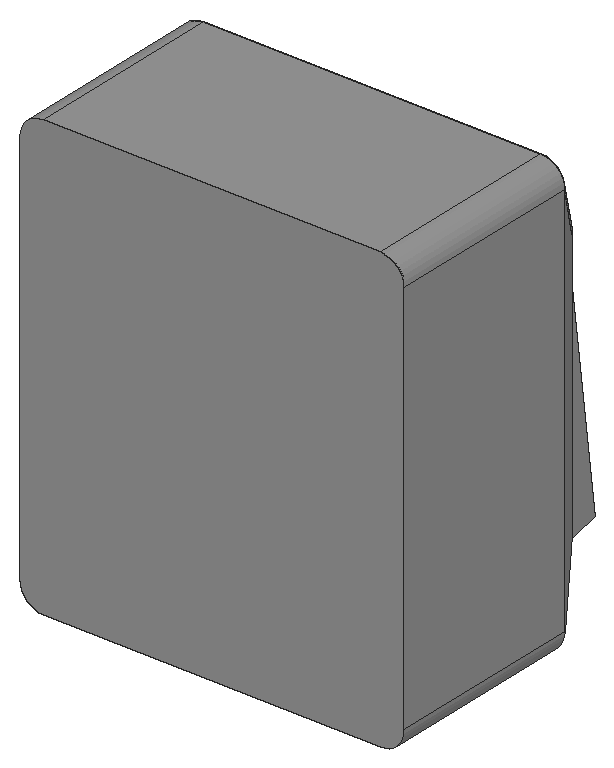
Revit family "IEK_Выключатель_ОткрытойУстановки_С Инд 10А одноклавишный IP54_ГЕРМЕС PLUS", category Выключатели, Revit 2019
Family settings
  Сохранять ориентацию аннотаций = Да
  Размер круглого соединителя = Использовать диаметр
  Тип детали = Переключатель
  На основе рабочей плоскости = Нет
  Всегда вертикально = Да
  При загрузке вырезать с полостями = Нет
  Общий = Нет
  Точка расчета площади = Нет
Parameters (values of type "ВС20-1-1-ГПБ")
  Ширина = 72 mm  # constant formula
  Тип монтажа = "Поверхность монтажа (открытая установка)"  # constant formula
  Степень защиты = "IP54"  # constant formula
  Изготовитель = "IEK"  # constant formula
  Дата изменения = ""
  Глубина = 52 mm  # constant formula
  Высота = 72 mm  # constant formula
  ΔХ [instance] = 2000 mm
  ΔY [instance] = 2000 mm
  KSI_CPr_Строительные изделия = "20.4.01"  # constant formula
  KSI_CMa_Строительные материалы = "01.7.14.03"  # constant formula
  IEK_Цена за единицу = 490.24
  IEK_Поиск в таблице имен = ""
  IEK_Описание = "Изделия серии \"ГЕРМЕС PLUS\" используются в помещениях с повышенной влажностью или запыленностью, а также под навесом на открытом воздухе."
  IEK_URL = "https://www.iek.ru/products/catalog/izdeliya_elektroustanovochnye_udliniteli_i_silovye_razemy/elektroustanovochnye_izdeliya/elektroustanovochnye_izdeliya_otkrytogo_montazha_ip44_ip54/elektroustanovochnye_izdeliya_germes_plus/vyklyuchatel_1_klavishnyy_dlya_otkrytoy_ustanovki_s_indikatsiey_vs20_1_1_gpb_ip54_germes_plus_tsvet_klavishi_belyy_iek"
  ADSK_Ток [instance] = 10 A  # constant formula
  ADSK_Примечание = ""
  ADSK_Полная мощность [instance] = ADSK_Номинальная мощность / ADSK_Коэффициент мощности  # 2200 VA
  ADSK_Позиция [instance] = ""
  ADSK_Номинальная мощность [instance] = ADSK_Ток * ADSK_Напряжение * sqrt(ADSK_Количество фаз числовое) * ADSK_Коэффициент мощности  # 2200 W
  ADSK_Напряжение = 220 V
  ADSK_Наименование = "Выключатель 1-клавишный для открытой установки с индикацией ВС20-1-1-ГПБ IP54 ГЕРМЕС PLUS (цвет клавиши: белый) IEK"
  ADSK_Материал обозначение = ""
  ADSK_Материал наименование = "Пластик"  # constant formula
  ADSK_Материал = Цвет белый
  ADSK_Масса = 0.11
  ADSK_Марка = "ГЕРМЕС PLUS"  # constant formula
  ADSK_Коэффициент мощности [instance] = 1  # constant formula
  ADSK_Количество фаз числовое = 1
  ADSK_Количество фаз = 1
  ADSK_Код изделия = "EVMP11-K01-10-54-EC"
  ADSK_Классификация нагрузок [instance] = Прочее
  ADSK_Завод-изготовитель = "IEK"  # constant formula
  ADSK_Единица измерения = "шт"  # constant formula
  ADSK_Группирование = "III ЭЛЕКТРОУСТАНОВОЧНЫЕ И ЭЛЕКТРОМОНТАЖНЫЕ ИЗДЕЛИЯ"  # constant formula
  ADSK_Версия семейства = "1.0"  # constant formula
  ADSK_Версия Revit = "2019"  # constant formula
  ADSK_URL страницы изделия = "https://www.iek.ru/products/catalog/izdeliya_elektroustanovochnye_udliniteli_i_silovye_razemy/elektroustanovochnye_izdeliya/elektroustanovochnye_izdeliya_otkrytogo_montazha_ip44_ip54/elektroustanovochnye_izdeliya_germes_plus/?pagec=100"
Reference planes
  plane 1 "По центру (Вперед/Назад)": y = 0
  plane 2: z = 0
  plane 3 "По центру (Влево/Вправо)": x = 0
  plane 4 "Высота ножек": z = 280
  plane 5 "Высота": z = 2081.496
  plane 6: x = -2000
  plane 7: y = 2000
Forms (mm)
  Extrusion 1, solid, detail levels coarse
    sketch origin (5.5, 24, 0) x (1, 0, 0) y (0, 1, 0)
      loop
        line (-41.5, -24) -> (30.5, -24) -> (30.5, 28) -> (-41.5, 28) -> (-41.5, -24)
    from 0 to 72
  Extrusion 2, solid, detail levels medium
    sketch origin (-5.5, 24, 0) x (1, 0, 0) y (0, 1, 0)
      loop
        line (-30.5, 28) -> (-30.5, -24) -> (41.5, -24) -> (41.5, 28) -> (-30.5, 28)
    from 0 to 72
  Extrusion 3, solid, material "Цвет белый" <- "ADSK_Материал", detail levels fine
    sketch origin (0, 0, 556.425) x (1, 0, 0) y (0, 0, -1)
      loop
        arc (-32.5, 485.425) -> (-31.328, 482.596) -> (-28.5, 481.425) r 4
        line (-28.5, 481.425) -> (28.5, 481.425)
        arc (28.5, 481.425) -> (31.328, 482.596) -> (32.5, 485.425) r 4
        line (32.5, 485.425) -> (32.5, 552.425)
        arc (32.5, 552.425) -> (31.328, 555.253) -> (28.5, 556.425) r 4
        line (28.5, 556.425) -> (-28.5, 556.425)
        arc (-28.5, 556.425) -> (-31.328, 555.253) -> (-32.5, 552.425) r 4
        line (-32.5, 552.425) -> (-32.5, 485.425)
    from 0 to 33.882
  Blend 4, solid, material "Цвет белый" <- "ADSK_Материал", detail levels fine
    base sketch origin (0, 0, 556.425) x (1, 0, 0) y (0, 0, -1)
      loop
        arc (-32.5, 485.425) -> (-31.328, 482.596) -> (-28.5, 481.425) r 4
        line (-28.5, 481.425) -> (28.5, 481.425)
        arc (28.5, 481.425) -> (31.328, 482.596) -> (32.5, 485.425) r 4
        line (32.5, 485.425) -> (32.5, 552.425)
        arc (32.5, 552.425) -> (31.328, 555.253) -> (28.5, 556.425) r 4
        line (28.5, 556.425) -> (-28.5, 556.425)
        arc (-28.5, 556.425) -> (-31.328, 555.253) -> (-32.5, 552.425) r 4
        line (-32.5, 552.425) -> (-32.5, 485.425)
    top sketch origin (0, 0, 556.425) x (1, 0, 0) y (0, 0, -1)
      loop
        arc (-28.842, 496.034) -> (-27.846, 493.63) -> (-25.442, 492.634) r 3.4
        line (-25.442, 492.634) -> (25.445, 492.634)
        arc (25.445, 492.634) -> (27.849, 493.63) -> (28.845, 496.034) r 3.4
        line (28.845, 496.034) -> (28.845, 541.816)
        arc (28.845, 541.816) -> (27.849, 544.22) -> (25.445, 545.216) r 3.4
        line (25.445, 545.216) -> (-25.442, 545.216)
        arc (-25.442, 545.216) -> (-27.846, 544.22) -> (-28.842, 541.816) r 3.4
        line (-28.842, 541.816) -> (-28.842, 496.034)
    from 33.882 to 40
  Extrusion 5, void
    sketch origin (0, 0, 556.425) x (1, 0, 0) y (0, 0, -1)
      loop
        line (-28.25, 541.393) -> (-28.25, 496.243)
        arc (-28.25, 496.243) -> (-27.371, 494.122) -> (-25.25, 493.243) r 3
        line (-25.25, 493.243) -> (25.25, 493.243)
        arc (25.25, 493.243) -> (27.371, 494.122) -> (28.25, 496.243) r 3
        line (28.25, 496.243) -> (28.25, 541.393)
        arc (28.25, 541.393) -> (27.371, 543.514) -> (25.25, 544.393) r 3
        line (25.25, 544.393) -> (-25.25, 544.393)
        arc (-25.25, 544.393) -> (-27.371, 543.514) -> (-28.25, 541.393) r 3
    from 38.844 to 40
  Extrusion 6, solid, material "Цвет белый" <- "ADSK_Материал", detail levels fine
    sketch origin (0, 8.344, 557.693) x (0, 0, -1) y (0, 1, 0)
      loop
        line (545.332, 30.5) -> (543.608, 38.121)
        arc (543.608, 38.121) -> (519.308, 36.271) -> (495.326, 31.933) r 236.751
        line (495.326, 31.933) -> (495.326, 30.5) -> (545.332, 30.5)
    from -27.5 to 27.5
  Extrusion 7, void
    sketch origin (0, 0, 0) x (1, 0, 0) y (0, 0, 1)
      loop
        arc (5, 15.963) -> (0, 18.33) -> (-5, 15.963) r 6.464
        line (-5, 15.963) -> (5, 15.963)
    from -46.483 to -44.647
  Extrusion 8, solid, material "Стекло красное", detail levels fine
    sketch origin (0, 0, 0) x (1, 0, 0) y (0, 0, 1)
      loop
        arc (5, 15.963) -> (0, 18.33) -> (-5, 15.963) r 6.464
        line (-5, 15.963) -> (5, 15.963)
    from -46.483 to -44.647
Cuts and joins
  Extrusion 5 cuts Blend 4
  Extrusion 7 cuts Extrusion 1
  Extrusion 7 cuts Extrusion 2
  Extrusion 7 cuts Extrusion 3
Lines and regions (mm)
  reference lines
    curve 1: line (0, 44.647, 0) -> (0, -55.353, 0)
    curve 2: line (-23.829, 0, 0) -> (76.171, 0, 0)
Dimensions and locks
  locked: plane 4 "Высота ножек" to plane 2 at 280
  plane 5 "Высота" to plane 4 "Высота ножек" = 1801.496 mm
  "ΔХ": plane 6 to curve 1
  "ΔY": plane 7 to curve 2
  aligned and locked: level to plane 2
  aligned and locked: curve 2 to nested 1
  aligned and locked: nested 1 to curve 1
Automatic sketch dimensions
  Extrusion 1 sketch curve to plane 1 "По центру (Вперед/Назад)" = 52 mm
  Extrusion 1 sketch curve to plane 3 "По центру (Влево/Вправо)" = 36 mm
  plane 3 "По центру (Влево/Вправо)" to Extrusion 1 sketch curve = 36 mm
  plane 1 "По центру (Вперед/Назад)" to Extrusion 1 sketch curve = 0 mm
  Extrusion 2 sketch curve to plane 3 "По центру (Влево/Вправо)" = 36 mm
  plane 3 "По центру (Влево/Вправо)" to Extrusion 2 sketch curve = 36 mm
  plane 1 "По центру (Вперед/Назад)" to Extrusion 2 sketch curve = 0 mm
  Extrusion 2 sketch curve to plane 1 "По центру (Вперед/Назад)" = 52 mm
  Extrusion 3 sketch curve to level = 0 mm
  Extrusion 3 sketch curve to plane 3 "По центру (Влево/Вправо)" = 32.5 mm
  Extrusion 3 sketch curve to Extrusion 3 sketch curve = 4 mm  (x3)
  plane 3 "По центру (Влево/Вправо)" to Extrusion 3 sketch curve = 28.5 mm  (x2)
  Extrusion 3 sketch curve to Extrusion 3 sketch curve = 67 mm
  Blend 4 sketch curve to level = 0 mm
  Blend 4 sketch curve to plane 3 "По центру (Влево/Вправо)" = 32.5 mm
  Blend 4 sketch curve to Blend 4 sketch curve = 4 mm  (x3)
  plane 3 "По центру (Влево/Вправо)" to Blend 4 sketch curve = 28.5 mm  (x2)
  Blend 4 sketch curve to Blend 4 sketch curve = 67 mm
  Blend 4 sketch curve to plane 3 "По центру (Влево/Вправо)" = 28.842 mm
  Blend 4 sketch curve to Blend 4 sketch curve = 3.4 mm  (x3)
  level to Blend 4 sketch curve = 11.209 mm
  plane 3 "По центру (Влево/Вправо)" to Blend 4 sketch curve = 25.445 mm  (x2)
  Blend 4 sketch curve to Blend 4 sketch curve = 45.782 mm
  Extrusion 5 sketch curve to plane 3 "По центру (Влево/Вправо)" = 28.25 mm
  Extrusion 5 sketch curve to Extrusion 5 sketch curve = 3 mm  (x3)
  plane 3 "По центру (Влево/Вправо)" to Extrusion 5 sketch curve = 25.25 mm  (x2)
  level to Extrusion 5 sketch curve = 15.032 mm
  Extrusion 5 sketch curve to Extrusion 5 sketch curve = 45.15 mm
  level to Extrusion 6 sketch curve = 62.367 mm
  level to Extrusion 6 sketch curve = 14.085 mm
  Extrusion 6 sketch curve to Extrusion 6 sketch curve = 1.724 mm
  level to Extrusion 6 sketch curve = 8.292 mm
  plane 1 "По центру (Вперед/Назад)" to Extrusion 6 sketch curve = 190.215 mm
  Extrusion 6 sketch curve to plane 1 "По центру (Вперед/Назад)" = 38.844 mm
  Extrusion 6 sketch curve to Extrusion 6 sketch curve = 1.433 mm
  Extrusion 7 sketch curve to plane 3 "По центру (Влево/Вправо)" = 0 mm
  Extrusion 7 sketch curve to plane 3 "По центру (Влево/Вправо)" = 5 mm
  level to Extrusion 7 sketch curve = 11.866 mm
  Extrusion 7 sketch curve to Extrusion 7 sketch curve = 4.097 mm
  Extrusion 8 sketch curve to plane 3 "По центру (Влево/Вправо)" = 0 mm
  Extrusion 8 sketch curve to plane 3 "По центру (Влево/Вправо)" = 5 mm
  level to Extrusion 8 sketch curve = 11.866 mm
  Extrusion 8 sketch curve to Extrusion 8 sketch curve = 4.097 mm
  curve 2 to plane 3 "По центру (Влево/Вправо)" = 23.829 mm
  plane 3 "По центру (Влево/Вправо)" to curve 2 = 76.171 mm
  plane 1 "По центру (Вперед/Назад)" to curve 1 = 55.353 mm
  curve 1 to plane 1 "По центру (Вперед/Назад)" = 44.647 mm
Nested families
  nested 1: "УГО Выключателя" at (0, 0, 0), type "1K-O", detail levels coarse+medium
    with IP44 yes
Connectors
  electrical at (0, 0, 36), driven by "ADSK_Количество фаз", driven by "ADSK_Классификация нагрузок", driven by "ADSK_Напряжение", driven by "ADSK_Полная мощность", driven by "ADSK_Коэффициент мощности"
    settings: on Extrusion 1, index 1, voltage 220 V, apparent load 0 VA, apparent load phase1 2200 VA, apparent load phase2 0 VA, apparent load phase3 0 VA, power factor 1, load classification "Прочее", number of poles 1, system type 31, power factor state 1, is connector primary yes, connector utility no, sub classification motor no, connector description ""
Definition of nested family "УГО Выключателя"
  Parameters (values of type "3K-O")
    IP44 [instance] = no
    3K-C = no
    2K-C = no
    1K-C = no
    3K-O = yes
    2K-O = no
    1K-O = no
  Types (6, lengths in mm): name | 3K-C | 2K-C | 1K-C | 3K-O | 2K-O | 1K-O
    2K-O | no | no | no | no | yes | no
    3K-O | no | no | no | yes | no | no
    2K-C | no | yes | no | no | no | no
    1K-O | no | no | no | no | no | yes
    1K-C | no | no | yes | no | no | no
    3K-C | yes | no | no | no | no | no
  Reference planes
    plane 1: y = 0
    plane 2: x = 0
  Lines and regions (mm)
    Filled region 1, type "Цветовая область 1", visible <- "IP44", not visible
      outline origin (0, 0, 0) x (1, 0, 0) y (0, 1, 0)
        loop
          circle (0, 2.214) r 0.994
    Filled region 2, type "Цветовая область 1", visible <- "IP44", not visible
      outline origin (-1.562, 0, 0) x (1, 0, 0) y (0, 1, 0)
        loop
          circle (11.009, 9.276) r 0.994
    Filled region 3, type "Цветовая область 1", visible <- "IP44", not visible
      outline origin (-1.562, 0, 0) x (1, 0, 0) y (0, 1, 0)
        loop
          circle (23.521, 9.279) r 0.994
    Filled region 4, type "Цветовая область 1", visible <- "IP44", not visible
      outline origin (0, 0, 0) x (1, 0, 0) y (0, 1, 0)
        loop
          circle (28.604, 9.279) r 0.994
    Filled region 5, type "Цветовая область 1", visible <- "IP44", not visible
      outline origin (0, 0, 0) x (1, 0, 0) y (0, 1, 0)
        loop
          circle (32.789, 9.279) r 0.994
    Filled region 6, type "Цветовая область 1", visible <- "IP44"
      outline origin (0, 0, 0) x (1, 0, 0) y (0, 1, 0)
        loop
          circle (0.006, 0.994) r 0.994
    Filled region 7, type "Цветовая область 1", visible <- "IP44"
      outline origin (0, 0, 0) x (1, 0, 0) y (0, 1, 0)
        loop
          circle (0.006, 0.994) r 0.994
    Filled region 8, type "Цветовая область 1", visible <- "IP44"
      outline origin (-1.562, 0, 0) x (1, 0, 0) y (0, 1, 0)
        loop
          circle (1.569, 0.994) r 0.994
    Filled region 9, type "Цветовая область 1", visible <- "IP44"
      outline origin (0, 0, 0) x (1, 0, 0) y (0, 1, 0)
        loop
          circle (0.006, 0.994) r 0.994
    Filled region 10, type "Цветовая область 1", visible <- "IP44", not visible
      outline origin (0, 0, 0) x (1, 0, 0) y (0, 1, 0)
        loop
          circle (15.057, 15.33) r 0.994
    Filled region 11, type "Цветовая область 1", visible <- "IP44"
      outline origin (-1.562, 0, 0) x (1, 0, 0) y (0, 1, 0)
        loop
          circle (1.569, 0.994) r 0.994
    Filled region 12, type "Цветовая область 1", visible <- "IP44"
      outline origin (0, 0, 0) x (1, 0, 0) y (0, 1, 0)
        loop
          circle (0.006, 0.994) r 0.994
    detail lines, visible <- "3K-O", not visible
      curve 1: line (0.86, 2.711, 0) -> (3.031, 3.964, 0)
      curve 2: line (0.639, 2.975, 0) -> (2.25, 4.895, 0)
      curve 3: line (0.323, 3.154, 0) -> (1.139, 5.524, 0)
      curve 4: circle (0, 2.214, 0) r 0.994 normal (0, 0, 1)
      curve 5: line (3.031, 3.964, 0) -> (3.431, 3.272, 0)
      curve 6: line (2.25, 4.895, 0) -> (2.863, 4.381, 0)
      curve 7: line (1.139, 5.524, 0) -> (1.896, 5.263, 0)
    detail lines, visible <- "2K-O", not visible
      curve 8: line (10.196, 9.928, 0) -> (12.088, 11.572, 0)
      curve 9: line (9.928, 10.145, 0) -> (11.143, 12.337, 0)
      curve 10: circle (9.446, 9.276, 0) r 0.994 normal (0, 0, 1)
      curve 11: line (12.088, 11.572, 0) -> (12.613, 10.968, 0)
      curve 12: line (11.143, 12.337, 0) -> (11.843, 11.949, 0)
    detail lines, visible <- "1K-O", not visible
      curve 13: line (15.627, 16.144, 0) -> (17.201, 18.393, 0)
      curve 14: circle (15.057, 15.33, 0) r 0.994 normal (0, 0, 1)
      curve 15: line (17.201, 18.393, 0) -> (17.857, 17.934, 0)
    detail lines, visible <- "3K-C", not visible
      curve 16: line (22.819, 9.775, 0) -> (24.99, 11.029, 0)
      curve 17: line (22.597, 10.04, 0) -> (24.208, 11.96, 0)
      curve 18: line (22.282, 10.218, 0) -> (23.098, 12.588, 0)
      curve 19: circle (21.958, 9.279, 0) r 0.994 normal (0, 0, 1)
      curve 20: line (24.765, 11.418, 0) -> (25.215, 10.639, 0)
      curve 21: line (23.863, 12.249, 0) -> (24.553, 11.67, 0)
      curve 22: line (22.672, 12.734, 0) -> (23.523, 12.441, 0)
    detail lines, visible <- "2K-C", not visible
      curve 23: line (29.354, 9.93, 0) -> (31.246, 11.575, 0)
      curve 24: line (29.086, 10.148, 0) -> (30.301, 12.34, 0)
      curve 25: circle (28.604, 9.279, 0) r 0.994 normal (0, 0, 1)
      curve 26: line (30.951, 11.914, 0) -> (31.541, 11.235, 0)
      curve 27: line (29.908, 12.558, 0) -> (30.695, 12.122, 0)
    detail lines, visible <- "1K-C", not visible
      curve 28: line (33.359, 10.092, 0) -> (34.797, 12.146, 0)
      curve 29: circle (32.789, 9.279, 0) r 0.994 normal (0, 0, 1)
      curve 30: line (34.428, 12.404, 0) -> (35.165, 11.887, 0)
    detail lines
      curve 31: line (0.006, 0, 0) -> (0.006, 2.454, 0)
      curve 32: line (0.006, 0, 0) -> (2.217, 0, 0)
    detail lines, visible <- "1K-C"
      curve 33: line (0.576, 1.808, 0) -> (2.014, 3.861, 0)
      curve 34: circle (0.006, 0.994, 0) r 0.994 normal (0, 0, 1)
      curve 35: line (1.645, 4.119, 0) -> (2.383, 3.603, 0)
    detail lines, visible <- "2K-C"
      curve 36: line (0.756, 1.645, 0) -> (2.648, 3.29, 0)
      curve 37: line (0.488, 1.863, 0) -> (1.703, 4.055, 0)
      curve 38: circle (0.006, 0.994, 0) r 0.994 normal (0, 0, 1)
      curve 39: line (2.353, 3.629, 0) -> (2.943, 2.95, 0)
      curve 40: line (1.31, 4.273, 0) -> (2.097, 3.837, 0)
    detail lines, visible <- "3K-C"
      curve 41: line (0.867, 1.49, 0) -> (3.037, 2.744, 0)
      curve 42: line (0.645, 1.755, 0) -> (2.256, 3.675, 0)
      curve 43: line (0.33, 1.933, 0) -> (1.146, 4.303, 0)
      curve 44: circle (0.006, 0.994, 0) r 0.994 normal (0, 0, 1)
      curve 45: line (2.812, 3.133, 0) -> (3.262, 2.354, 0)
      curve 46: line (1.911, 3.964, 0) -> (2.601, 3.386, 0)
      curve 47: line (0.72, 4.449, 0) -> (1.571, 4.156, 0)
    detail lines, visible <- "1K-O"
      curve 48: line (0.576, 1.808, 0) -> (2.151, 4.056, 0)
      curve 49: circle (0.006, 0.994, 0) r 0.994 normal (0, 0, 1)
      curve 50: line (2.151, 4.056, 0) -> (2.806, 3.597, 0)
    detail lines, visible <- "2K-O"
      curve 51: line (0.756, 1.645, 0) -> (2.648, 3.29, 0)
      curve 52: line (0.488, 1.863, 0) -> (1.703, 4.055, 0)
      curve 53: circle (0.006, 0.994, 0) r 0.994 normal (0, 0, 1)
      curve 54: line (2.648, 3.29, 0) -> (3.173, 2.686, 0)
      curve 55: line (1.703, 4.055, 0) -> (2.403, 3.667, 0)
    detail lines, visible <- "3K-O"
      curve 56: line (0.867, 1.49, 0) -> (3.037, 2.744, 0)
      curve 57: line (0.645, 1.755, 0) -> (2.256, 3.675, 0)
      curve 58: line (0.33, 1.933, 0) -> (1.146, 4.303, 0)
      curve 59: circle (0.006, 0.994, 0) r 0.994 normal (0, 0, 1)
      curve 60: line (3.037, 2.744, 0) -> (3.437, 2.051, 0)
      curve 61: line (2.256, 3.675, 0) -> (2.869, 3.161, 0)
      curve 62: line (1.146, 4.303, 0) -> (1.902, 4.042, 0)
